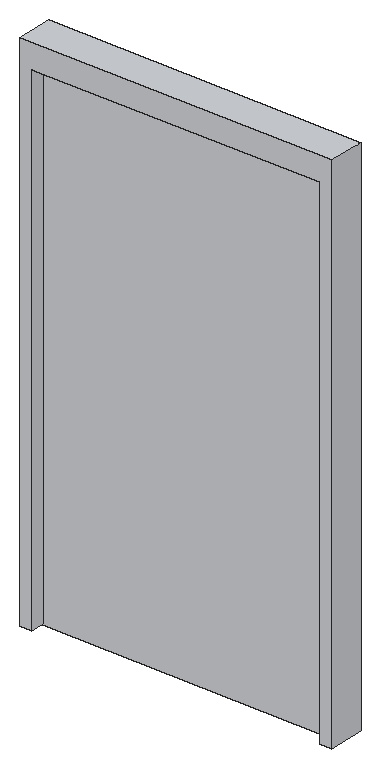
Revit family "Door", category Doors, host Wall, Revit 2025
Family settings
  Host = Wall
  OmniClass Number = 23.30.10.00
  OmniClass Title = Doors
  Always vertical = Yes
  Cut with Voids When Loaded = No
  Shared = No
  Room Calculation Point = No
Parameters (values of type "6A")
  Thickness = 0' - 1 3/4"
  S_Door A = 81.0937°
  Door Thickness = 0' - 1 3/4"
  S_Door Margin = 0' - 2"
  S_Door Inner Thickness = 0' - 3"
  S_Door G = 0' - 1.22013"
  Function = Interior
  Freezer = no
  Frame Width Upper = 0' - 4"
  Frame Thickness = 0' - 6"
  Frame Width = 0' - 2"
  Height = Door Height + Frame Width Upper  # 7' - 4"
  Wall Closure = By host
  Width = Door Width + (2 * Frame Width)  # 4' - 4"
  Frame Head Depth = 0' - 3"
  Frame Depth Vert 1 = 0' - 1"
  Frame Depth Vert 2 = 0' - 1"
  Frame Depth Hori 2 = 0' - 2"
  Frame Depth Hori 1 = 0' - 2"
  S_Door Swing Length = 3' - 8"
  Door Width = 4' - 0"
  Door Height = 7' - 0"
  Define Thermal Properties by = Schematic Type
  Analytic Construction = "<None>"
Types (3): name | S_Door A | S_Door Margin | Freezer | Frame Thickness | Height | Width | Frame Head Depth | Frame Depth Vert 2 | Frame Depth Hori 2 | Frame Depth Hori 1 | S_Door Swing Length | Door Width | Door Height
  3A | 81.0937° | 0' - 2" | no | 0' - 6" | 7' - 4" | 4' - 4" | 0' - 3" | 0' - 1" | 0' - 2" | 0' - 2" | 3' - 8" | 4' - 0" | 7' - 0"
  9 | 75.00° | 0' - 3 3/4" | yes | 0' - 4" | 6' - 10" | 3' - 4" | 0' - 5" | 0' - 0.01" | 0' - 5.01" | 0' - 3 3/4" | 3' - 2" | 3' - 0" | 6' - 6"
  6A | 81.0937° | 0' - 2" | no | 0' - 6" | 7' - 4" | 4' - 4" | 0' - 3" | 0' - 1" | 0' - 2" | 0' - 2" | 3' - 8" | 4' - 0" | 7' - 0"
Reference planes (in)
  plane 1 "Center (Front/Back)": y = 0
  plane 2 "Center (Left/Right)": x = 0
  plane 3 "Left": x = -26
  plane 4 "Right": x = 26
  plane 5 "Top": z = 88
  plane 6 "Exterior": y = 7
  plane 7 "Interior": y = -7
  plane 8: y = 0
  plane 9: y = -3
  plane 10: y = 3
  plane 11: y = 4.22013
Forms (in)
  Extrusion 1, solid, detail levels fine
    sketch origin (0, 0, 0) x (1, 0, 0) y (0, 1, 0)
      loop
        line (-24, 0.875) -> (-24, -0.875) -> (24, -0.875) -> (24, 0.875) -> (-24, 0.875)
    from 0 to 84
  Extrusion 2, solid, detail levels fine
    sketch origin (0, 0, 0) x (1, 0, 0) y (0, 0, 1)
      loop
        line (-26, 0) -> (-24, 0) -> (-24, 84) -> (24, 84) -> (24, 0) -> (26, 0) -> (26, 88) -> (-26, 88) -> (-26, 0)
    from -3 to 3
Lines and regions (in)
  Opening 1
    outline origin (-90, -7, 0) x (1, 0, 0) y (0, 0, 1)
      loop
        line (64, 0) -> (116, 0) -> (116, 88) -> (64, 88) -> (64, 0)
  symbolic lines
    curve 1: line (-24, 3, 0) -> (-24, 47, 0)
    curve 2: line (-24, 47, 0) -> (-22, 47, 0)
    curve 3: line (-22.25, 47, 0) -> (-22.25, 3, 0)
    curve 15: line (-26, 3, 0) -> (-24, 3, 0)
    curve 16: line (-24, 3, 0) -> (-24, 2, 0)
    curve 17: line (-24, 2, 0) -> (-23, 2, 0)
    curve 18: line (-23, 2, 0) -> (-23, -2, 0)
    curve 19: line (-23, -2, 0) -> (-24, -2, 0)
    curve 20: line (-24, -2, 0) -> (-24, -3, 0)
    curve 21: line (-24, -3, 0) -> (-26, -3, 0)
    curve 22: line (-24, 3, 0) -> (-22.25, 3, 0)
    curve 23: line (26, 3, 0) -> (24, 3, 0)
    curve 24: line (24, 3, 0) -> (24, 2, 0)
    curve 25: line (24, 2, 0) -> (23, 2, 0)
    curve 26: line (23, 2, 0) -> (23, -2, 0)
    curve 27: line (23, -2, 0) -> (24, -2, 0)
    curve 28: line (24, -2, 0) -> (24, -3, 0)
    curve 29: line (24, -3, 0) -> (26, -3, 0)
    curve 30: arc (-22, 47, 0) -> (9.82766, 34.22892, 0) -> (24, 3, 0) r 46.04545
    curve 31: line (-22.25, 3, 0) -> (24, 3, 0)
    curve 32: line (24, -3, 0) -> (-24, -3, 0)
  symbolic lines, not visible
    curve 4: line (23, 1, 0) -> (23, -1, 0)
    curve 5: line (23, -1, 0) -> (24, -1, 0)
    curve 6: line (24, -1, 0) -> (24, -3, 0)
    curve 7: line (24, -3, 0) -> (26, -3, 0)
    curve 8: line (26, -3, 0) -> (26, 3, 0)
    curve 9: line (26, 3, 0) -> (24, 3, 0)
    curve 10: line (24, 3, 0) -> (24, 1, 0)
    curve 11: line (24, 1, 0) -> (23, 1, 0)
  symbolic lines, visible <- "Freezer"
    curve 12: line (-19.25, 45.30974, 0) -> (-19.25, 4.69026, 0)
    curve 13: line (-19.25, 45.30974, 0) -> (-22.25, 45.77987, 0)
    curve 14: line (-19.25, 4.69026, 0) -> (-22.25, 4.22013, 0)
Text (in)
  text "Exterior" at (-71.22539, 20.51343, 0), in view "Ref. Level"
  text "Interior" at (-71.22539, -15.26908, 0), in view "Ref. Level"
  text "Exterior" at (0, 40.15149, 123.01588), in view "Right"
  text "Interior" at (0, -64.39139, 123.01588), in view "Right"
  text "Interior" at (0, -31.01599, 123.00693), in view "Left"
  text "Exterior" at (0, 54.57065, 123.00693), in view "Left"
Dimensions and locks (in)
  equal spacing: Extrusion 1 sketch curve, host wall, Extrusion 1 sketch curve
  "Thickness": Extrusion 1 sketch curve to Extrusion 1 sketch curve
  equal spacing: plane 3 "Left", plane 2 "Center (Left/Right)", plane 4 "Right"
  "Width": plane 3 "Left" to plane 4 "Right"
  "Frame Width": Extrusion 2 sketch curve to Extrusion 2 sketch curve  (x2)
  "Frame Width Upper": plane 5 "Top" to Extrusion 2 sketch curve
  equal spacing: plane 10, plane 8, plane 9
  "Frame Thickness": plane 9 to plane 10
  "Height": plane 5 "Top" to level
  "S_Door Inner Thickness": curve 3 to curve 12
  "Door Thickness": curve 1 to curve 3
  "S_Door Margin": plane 3 "Left" to curve 1
  "Frame Depth Hori 1": plane 3 "Left" to curve 16
  "Frame Depth Hori 2": plane 3 "Left" to curve 20
  "Frame Depth Vert 1": curve 17 to plane 10
  "Frame Depth Vert 2": curve 19 to plane 9
  "Frame Head Depth": plane 3 "Left" to curve 18
  "Frame Depth Hori 1": curve 24 to plane 4 "Right"
  "Frame Depth Hori 2": curve 28 to plane 4 "Right"
  "Frame Depth Vert 2": curve 27 to plane 9
  "Frame Depth Vert 1": plane 10 to curve 25
  "Frame Head Depth": curve 26 to plane 4 "Right"
  "S_Door Swing Length": plane 10 to curve 2
  "S_Door G": plane 11 to plane 10
  "S_Door G": curve 13 to curve 2
  Extrusion 2 to level = 7' - 0"
  plane 3 "Left" to plane 4 "Right" = 4' - 4"
  Extrusion 2 to Extrusion 2 = 4' - 0"
  "S_Door A": angle curve 3 to curve 13
  "S_Door A": angle curve 14 to curve 3
  aligned and locked: plane 3 "Left" to Opening 1 sketch curve
  aligned and locked: plane 5 "Top" to Opening 1 sketch curve  (x2)
  aligned and locked: Opening 1 sketch curve to plane 4 "Right"
  aligned and locked: Opening 1 sketch curve to level
  aligned and locked: plane 6 "Exterior" to host wall
  aligned and locked: plane 7 "Interior" to host wall
  aligned and locked: plane 3 "Left" to Extrusion 2 sketch curve
  aligned and locked: Extrusion 2 sketch curve to plane 4 "Right"
  aligned and locked: Extrusion 2 sketch curve to plane 5 "Top"
  aligned and locked: Extrusion 2 to plane 10
  aligned and locked: Extrusion 2 to plane 9
  aligned and locked: Extrusion 2 to Extrusion 1 sketch curve  (x2)
  aligned and locked: Extrusion 1 to Extrusion 2
  aligned and locked: plane 3 "Left" to curve 15
  aligned and locked: plane 3 "Left" to curve 21
  aligned and locked: plane 9 to curve 21
  aligned and locked: plane 10 to curve 15
  aligned and locked: plane 10 to curve 22
  aligned and locked: plane 4 "Right" to curve 23
  aligned and locked: plane 4 "Right" to curve 29
  aligned and locked: curve 23 to plane 10
  aligned and locked: plane 10 to curve 31
  aligned and locked: plane 9 to curve 32
  aligned and locked: curve 28 to curve 32
  aligned and locked: curve 20 to curve 32
  aligned and locked: plane 11 to curve 14
Automatic sketch dimensions
  Extrusion 2 sketch curve to level = 0' - 0"  (x2)
  curve 3 to curve 2 = 0' - 0 1/4"
